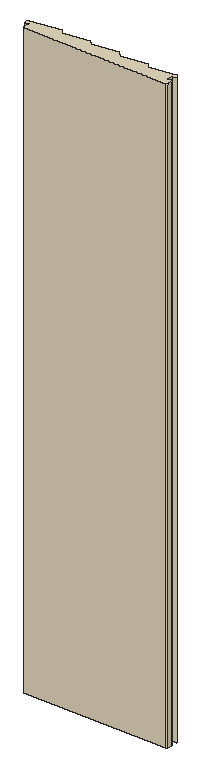
Revit family "HOB_GEN_Symphony_Tempo_9", category Generic Models, Revit 2026
Family settings
  Can host rebar = No
  Round Connector Dimension = Use Diameter
  Part Type = Normal
  Work Plane-Based = No
  Always vertical = Yes
  Cut with Voids When Loaded = No
  Maintain Annotation Orientation = No
  Shared = Yes
  Room Calculation Point = No
Parameters
  SectionArea = 0.002 m²  # constant formula
  Length [instance] = 557.974 mm
  Default Elevation = 0 mm
  BambooVolume [instance] = Length * SectionArea  # 0.00111595 m³
  Bamboo = Bamboo_horizontalGrain
Reference planes
  plane 1 "Center (Front/Back)": y = 0
  plane 2: z = 0
  plane 3 "Center (Left/Right)": x = 0
  plane 4: x = 143.165
  plane 5: y = 15
  plane 6: z = 557.974
Forms (mm)
  Extrusion 1, solid, material "Bamboo_horizontalGrain" <- "Bamboo"
    sketch origin (-141.352, -84.195, 0) x (1, 0, 0) y (0, 1, 0)
      loop
        arc (279.352, 84.195) -> (280.059, 84.488) -> (280.352, 85.195) r 1
        line (280.352, 85.195) -> (280.352, 89.495)
        arc (280.352, 89.495) -> (280.059, 90.202) -> (279.352, 90.495) r 1
        line (279.352, 90.495) -> (275.852, 90.495) -> (275.852, 94.908) -> (280.415, 95.624) -> (277.486, 98.931)
        arc (277.486, 98.931) -> (277.076, 99.209) -> (276.583, 99.256) r 1
        line (276.583, 99.256) -> (253.416, 95.622) -> (250.123, 99.34) -> (226.416, 95.622) -> (223.123, 99.34) -> (199.416, 95.622) -> (196.123, 99.34) -> (172.416, 95.622) -> (169.123, 99.34) -> (142.197, 95.117)
        arc (142.197, 95.117) -> (141.592, 94.779) -> (141.352, 94.129) r 1
        line (141.352, 94.129) -> (141.352, 90.695) -> (145.352, 90.695) -> (145.352, 85.195)
        arc (145.352, 85.195) -> (145.645, 84.488) -> (146.352, 84.195) r 1
        line (146.352, 84.195) -> (279.352, 84.195)
    from 0 to 557.974
Dimensions and locks
  plane 1 "Center (Front/Back)" to plane 5 = 15 mm
  plane 3 "Center (Left/Right)" to plane 4 = 143.165 mm
  "Length": plane 6 to plane 2
  aligned and locked: level to plane 2
  aligned and locked: plane 6 to Extrusion 1
Automatic sketch dimensions
  Extrusion 1 sketch curve to Extrusion 1 sketch curve = 0.845 mm
  Extrusion 1 sketch curve to Extrusion 1 sketch curve = 1 mm  (x3)
  Extrusion 1 sketch curve to Extrusion 1 sketch curve = 4 mm
  Extrusion 1 sketch curve to Extrusion 1 sketch curve = 0.155 mm
  Extrusion 1 sketch curve to plane 5 = 0.264 mm
  Extrusion 1 sketch curve to Extrusion 1 sketch curve = 0.904 mm
  Extrusion 1 sketch curve to Extrusion 1 sketch curve = 2.614 mm
  Extrusion 1 sketch curve to Extrusion 1 sketch curve = 0 mm  (x3)
  Extrusion 1 sketch curve to Extrusion 1 sketch curve = 4.3 mm
  Extrusion 1 sketch curve to Extrusion 1 sketch curve = 3.434 mm
  Extrusion 1 sketch curve to Extrusion 1 sketch curve = 4.927 mm
  Extrusion 1 sketch curve to Extrusion 1 sketch curve = 0.663 mm
  Extrusion 1 sketch curve to Extrusion 1 sketch curve = 3.5 mm
  Extrusion 1 sketch curve to Extrusion 1 sketch curve = 4.563 mm
  Extrusion 1 sketch curve to Extrusion 1 sketch curve = 3.359 mm
  Extrusion 1 sketch curve to Extrusion 1 sketch curve = 0.716 mm
  plane 1 "Center (Front/Back)" to Extrusion 1 sketch curve = 0 mm
  Extrusion 1 sketch curve to plane 4 = 8.665 mm
  Extrusion 1 sketch curve to plane 3 "Center (Left/Right)" = 0 mm
  plane 5 to Extrusion 1 sketch curve = 0.145 mm  (x4)
  Extrusion 1 sketch curve to Extrusion 1 sketch curve = 23.772 mm
  Extrusion 1 sketch curve to plane 5 = 3.573 mm  (x2)
  Extrusion 1 sketch curve to Extrusion 1 sketch curve = 3.293 mm  (x4)
  Extrusion 1 sketch curve to Extrusion 1 sketch curve = 23.707 mm  (x3)
